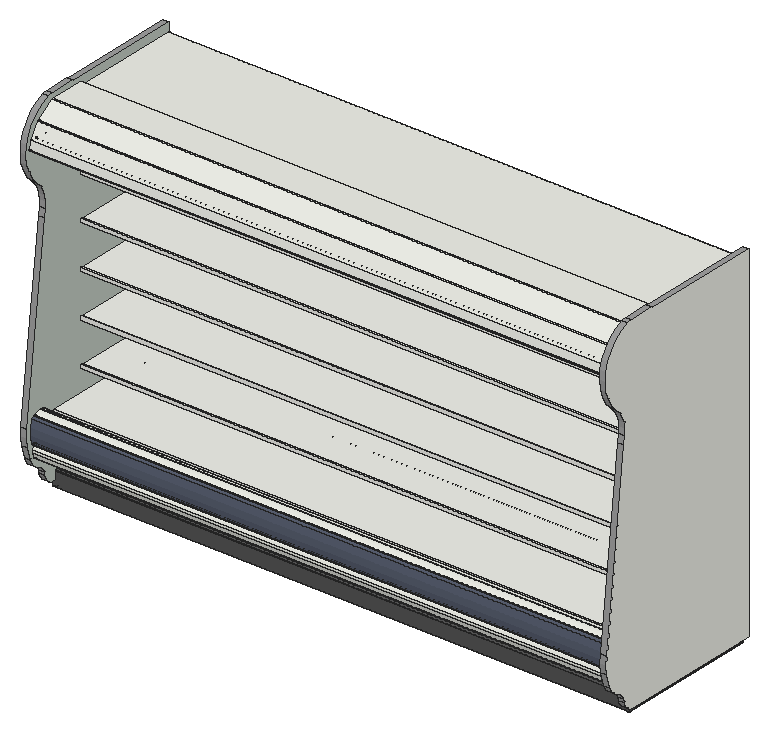
Revit family "IC6SL_2014", category Specialty Equipment, Revit 2014 (continued)
Automatic sketch dimensions
  plane 5 "Front" to Extrusion 10 sketch curve = 1.7688"
  Extrusion 10 sketch curve to Extrusion 10 sketch curve = 0.02868"
  Extrusion 10 sketch curve to Extrusion 10 sketch curve = 0.01397"
  Extrusion 10 sketch curve to Extrusion 10 sketch curve = 0.92589"
  Extrusion 10 sketch curve to Extrusion 10 sketch curve = 1.16807"
  Extrusion 10 sketch curve to Extrusion 10 sketch curve = 0.2829"
  Extrusion 10 sketch curve to Extrusion 10 sketch curve = 0.11237"  (x2)
  Extrusion 10 sketch curve to Extrusion 10 sketch curve = 0.31444"
  Extrusion 10 sketch curve to Extrusion 10 sketch curve = 0.37077"
  Extrusion 10 sketch curve to Extrusion 10 sketch curve = 0.06407"
  Extrusion 10 sketch curve to Extrusion 10 sketch curve = 0.22146"
  Extrusion 10 sketch curve to Extrusion 10 sketch curve = 0"  (x5)
  Extrusion 10 sketch curve to Extrusion 10 sketch curve = 0.08092"
  Extrusion 10 sketch curve to Extrusion 10 sketch curve = 0.00823"
  Extrusion 10 sketch curve to Extrusion 10 sketch curve = 0.08921"
  Extrusion 10 sketch curve to Extrusion 10 sketch curve = 0.03926"
  Extrusion 10 sketch curve to Extrusion 10 sketch curve = 0.04871"  (x2)
  Extrusion 10 sketch curve to Extrusion 10 sketch curve = 0.04915"
  Extrusion 10 sketch curve to Extrusion 10 sketch curve = 0.04983"
  Extrusion 10 sketch curve to Extrusion 10 sketch curve = 0.1441"
  Extrusion 10 sketch curve to Extrusion 10 sketch curve = 0.02762"  (x2)
  Extrusion 10 sketch curve to Extrusion 10 sketch curve = 0.00529"  (x2)
  Extrusion 10 sketch curve to Extrusion 10 sketch curve = 0.04318"  (x2)
  Extrusion 10 sketch curve to Extrusion 10 sketch curve = 0.25893"
  Extrusion 10 sketch curve to Extrusion 10 sketch curve = 0.23745"
  Extrusion 10 sketch curve to Extrusion 10 sketch curve = 0.03256"
  Extrusion 10 sketch curve to Extrusion 10 sketch curve = 0.01971"
  Extrusion 10 sketch curve to Extrusion 10 sketch curve = 0.03464"
  Extrusion 10 sketch curve to Extrusion 10 sketch curve = 0.0058"
  Extrusion 10 sketch curve to Extrusion 10 sketch curve = 0.01479"  (x3)
  Extrusion 10 sketch curve to Extrusion 10 sketch curve = 0.03824"
  Extrusion 10 sketch curve to Extrusion 10 sketch curve = 0.04929"  (x2)
  Extrusion 10 sketch curve to Extrusion 10 sketch curve = 0.04206"
  Extrusion 10 sketch curve to Extrusion 10 sketch curve = 0.34967"
  Extrusion 10 sketch curve to Extrusion 10 sketch curve = 0.00256"
  Extrusion 10 sketch curve to Extrusion 10 sketch curve = 0.01846"
  Extrusion 10 sketch curve to Extrusion 10 sketch curve = 0.02201"
  Extrusion 10 sketch curve to plane 14 = 0.15053"
  Extrusion 10 sketch curve to plane 14 = 0.02732"
  plane 14 to Extrusion 10 sketch curve = 2.8158"
  Extrusion 10 sketch curve to Extrusion 10 sketch curve = 0.04019"
  Extrusion 10 sketch curve to Extrusion 10 sketch curve = 0.04954"
  Extrusion 10 sketch curve to Extrusion 10 sketch curve = 0.02246"
  Extrusion 10 sketch curve to Extrusion 10 sketch curve = 0.02296"
  Extrusion 10 sketch curve to Extrusion 10 sketch curve = 0.03745"
  plane 3 "Top" to Extrusion 10 sketch curve = 8.96049"
  Extrusion 10 sketch curve to Extrusion 10 sketch curve = 0.00289"
  Extrusion 10 sketch curve to Extrusion 10 sketch curve = 0.53687"
  Extrusion 10 sketch curve to Extrusion 10 sketch curve = 0.04539"
  Extrusion 10 sketch curve to Extrusion 10 sketch curve = 0.00132"
  Extrusion 10 sketch curve to Extrusion 10 sketch curve = 0.20605"
  Extrusion 10 sketch curve to Extrusion 10 sketch curve = 0.24534"
  Extrusion 10 sketch curve to Extrusion 10 sketch curve = 0.02464"
  Extrusion 10 sketch curve to Extrusion 10 sketch curve = 0.13632"
  Extrusion 10 sketch curve to Extrusion 10 sketch curve = 0.29641"
  Extrusion 10 sketch curve to Extrusion 10 sketch curve = 0.0612"
  Extrusion 10 sketch curve to Extrusion 10 sketch curve = 0.02288"
  Extrusion 10 sketch curve to Extrusion 10 sketch curve = 0.14196"
  Extrusion 10 sketch curve to Extrusion 10 sketch curve = 0.29527"
  Extrusion 10 sketch curve to Extrusion 10 sketch curve = 0.22462"
  Extrusion 10 sketch curve to Extrusion 10 sketch curve = 0.24347"  (x2)
  Extrusion 10 sketch curve to Extrusion 10 sketch curve = 0.02988"
  Extrusion 10 sketch curve to Extrusion 10 sketch curve = 1.18868"
  Extrusion 10 sketch curve to Extrusion 10 sketch curve = 0.07787"  (x2)
  Extrusion 10 sketch curve to Extrusion 10 sketch curve = 0.08553"
  Extrusion 10 sketch curve to Extrusion 10 sketch curve = 0.03109"
  Extrusion 10 sketch curve to Extrusion 10 sketch curve = 0.10406"
  Extrusion 10 sketch curve to Extrusion 10 sketch curve = 0.12278"
  Extrusion 10 sketch curve to Extrusion 10 sketch curve = 0.00474"
  Extrusion 10 sketch curve to Extrusion 10 sketch curve = 0.0087"
  Extrusion 10 sketch curve to Extrusion 10 sketch curve = 0.12226"
  Extrusion 10 sketch curve to Extrusion 10 sketch curve = 0.12636"
  Extrusion 10 sketch curve to Extrusion 10 sketch curve = 0.02876"
  Extrusion 10 sketch curve to Extrusion 10 sketch curve = 0.73929"
  Extrusion 10 sketch curve to Extrusion 10 sketch curve = 0.08746"
  Extrusion 10 sketch curve to Extrusion 10 sketch curve = 0.05885"
  Extrusion 10 sketch curve to Extrusion 10 sketch curve = 0.01109"  (x2)
  Extrusion 10 sketch curve to Extrusion 10 sketch curve = 0.01363"  (x2)
  Extrusion 10 sketch curve to Extrusion 10 sketch curve = 0.24643"
  Extrusion 10 sketch curve to Extrusion 10 sketch curve = 0.20198"
  Extrusion 10 sketch curve to Extrusion 10 sketch curve = 0.16913"
  Extrusion 10 sketch curve to Extrusion 10 sketch curve = 0.00033"
  Extrusion 10 sketch curve to Extrusion 10 sketch curve = 0.12673"
  Extrusion 10 sketch curve to Extrusion 10 sketch curve = 0.00056"
  Extrusion 10 sketch curve to Extrusion 10 sketch curve = 0.00071"
  Extrusion 10 sketch curve to Extrusion 10 sketch curve = 0.02861"
  curve 60 to plane 1 "Back" = 0"
  curve 56 to plane 5 "Front" = 0.19878"
  plane 3 "Top" to curve 55 = 9.31645"
  plane 3 "Top" to curve 8 = 0.84917"
  plane 3 "Top" to curve 10 = 0.84917"
  Extrusion 11 sketch curve to plane 5 "Front" = 2.37183"
  Extrusion 11 sketch curve to plane 5 "Front" = 0.70024"
  Extrusion 11 sketch curve to plane 5 "Front" = 0.43763"
  plane 5 "Front" to Extrusion 11 sketch curve = 0.43083"
  plane 5 "Front" to Extrusion 11 sketch curve = 2.06807"
  plane 5 "Front" to Extrusion 11 sketch curve = 2.0736"
  Extrusion 11 sketch curve to Extrusion 11 sketch curve = 1.2735"
  Extrusion 11 sketch curve to Extrusion 11 sketch curve = 3.14221"
  Extrusion 11 sketch curve to Extrusion 11 sketch curve = 1.40133"
  Extrusion 11 sketch curve to plane 14 = 3.70578"
  Extrusion 11 sketch curve to Extrusion 11 sketch curve = 0.25554"
  Extrusion 11 sketch curve to Extrusion 11 sketch curve = 0.28383"
  Extrusion 11 sketch curve to plane 14 = 1.35015"
  Extrusion 11 sketch curve to plane 14 = 0.4371"
  plane 14 to Extrusion 11 sketch curve = 0.60774"
  plane 14 to Extrusion 11 sketch curve = 1.22056"
  plane 14 to Extrusion 11 sketch curve = 1.39939"
  Extrusion 11 sketch curve to plane 3 "Top" = 0.05344"
  plane 14 to Extrusion 11 sketch curve = 5.1801"
  Extrusion 11 sketch curve to plane 1 "Back" = 0.41541"
  Extrusion 11 sketch curve to plane 3 "Top" = 0.05211"
  plane 3 "Top" to Extrusion 11 sketch curve = 3.01006"
  Extrusion 11 sketch curve to Extrusion 11 sketch curve = 7.08279"
  Extrusion 11 sketch curve to plane 12 = 2.88177"
  Extrusion 11 sketch curve to plane 12 = 3.94049"
  Extrusion 11 sketch curve to Extrusion 11 sketch curve = 2 5/256"
  Extrusion 11 sketch curve to plane 11 = 7.27298"
  Extrusion 11 sketch curve to Extrusion 11 sketch curve = 1.50139"
  Extrusion 11 sketch curve to Extrusion 11 sketch curve = 2.3992"
  Extrusion 11 sketch curve to Extrusion 11 sketch curve = 0.84195"
  Extrusion 11 sketch curve to Extrusion 11 sketch curve = 0.66145"
  Extrusion 11 sketch curve to Extrusion 11 sketch curve = 1.7445"
  Extrusion 11 sketch curve to Extrusion 11 sketch curve = 0.1122"
  Extrusion 11 sketch curve to Extrusion 11 sketch curve = 0.95394"
  Extrusion 11 sketch curve to Extrusion 11 sketch curve = 0.19608"
  level to Extrusion 11 sketch curve = 1.56711"
  Extrusion 11 sketch curve to plane 3 "Top" = 0.24299"
  Extrusion 11 sketch curve to Extrusion 11 sketch curve = 0"
  Extrusion 12 sketch curve to plane 5 "Front" = 2.37183"
  Extrusion 12 sketch curve to plane 5 "Front" = 0.70024"
  Extrusion 12 sketch curve to plane 5 "Front" = 0.43763"
  plane 5 "Front" to Extrusion 12 sketch curve = 0.43083"
  plane 5 "Front" to Extrusion 12 sketch curve = 2.06807"
  plane 5 "Front" to Extrusion 12 sketch curve = 2.0736"
  Extrusion 12 sketch curve to Extrusion 12 sketch curve = 1.2735"
  Extrusion 12 sketch curve to Extrusion 12 sketch curve = 1.49944"
  Extrusion 12 sketch curve to Extrusion 12 sketch curve = 1.40133"
  Extrusion 12 sketch curve to plane 14 = 3.70578"
  Extrusion 12 sketch curve to Extrusion 12 sketch curve = 0.25554"
  Extrusion 12 sketch curve to Extrusion 12 sketch curve = 0.28383"
  Extrusion 12 sketch curve to plane 14 = 1.35015"
  Extrusion 12 sketch curve to plane 14 = 0.4371"
  plane 14 to Extrusion 12 sketch curve = 0.60774"
  plane 14 to Extrusion 12 sketch curve = 1.22056"
  plane 14 to Extrusion 12 sketch curve = 1.39939"
  Extrusion 12 sketch curve to plane 3 "Top" = 0.05344"
  plane 14 to Extrusion 12 sketch curve = 5.1801"
  Extrusion 12 sketch curve to plane 1 "Back" = 0.41541"
  Extrusion 12 sketch curve to plane 3 "Top" = 0.05211"
  plane 3 "Top" to Extrusion 12 sketch curve = 3.01006"
  Extrusion 12 sketch curve to Extrusion 12 sketch curve = 7.08279"
  Extrusion 12 sketch curve to plane 12 = 2.88177"
  Extrusion 12 sketch curve to plane 12 = 3.94049"
  Extrusion 12 sketch curve to Extrusion 12 sketch curve = 2 5/256"
  Extrusion 12 sketch curve to plane 11 = 7.27298"
  Extrusion 12 sketch curve to Extrusion 12 sketch curve = 1.50139"
  Extrusion 12 sketch curve to Extrusion 12 sketch curve = 2.3992"
  Extrusion 12 sketch curve to Extrusion 12 sketch curve = 0.84195"
  Extrusion 12 sketch curve to Extrusion 12 sketch curve = 0.66145"
  Extrusion 12 sketch curve to Extrusion 12 sketch curve = 1.7445"
  Extrusion 12 sketch curve to Extrusion 12 sketch curve = 0.1122"
  Extrusion 12 sketch curve to Extrusion 12 sketch curve = 0.95394"
  Extrusion 12 sketch curve to Extrusion 12 sketch curve = 0.19608"
  level to Extrusion 12 sketch curve = 1.56711"
  Extrusion 12 sketch curve to plane 3 "Top" = 0.24299"
  Extrusion 12 sketch curve to Extrusion 12 sketch curve = 0"
  Extrusion 1 sketch curve to Extrusion 1 sketch curve = 0"  (x2)
  Extrusion 2 sketch curve to Extrusion 2 sketch curve = 0"
  Extrusion 3 sketch curve to Extrusion 3 sketch curve = 0"
  curve 2 to plane 5 "Front" = 0"
  plane 1 "Back" to curve 2 = 0"
  plane 1 "Back" to curve 1 = 0"
Nested families (in)
  nested 1: "Light" at (-5.05699, -31.6809, 27.54239), type "Light"
    with Length 144 1/2"
  nested 2: "Shelf" at (0, -7.69234, 19.25), visible <- "Shelf", type "Shelf"
    with Width 144 1/2"
  nested 3: "Shelf" at (0, -7.69234, 63.25), visible <- "Shelf", type "Shelf"
    with Width 144 1/2"
  nested 4: "Shelf" at (0, -7.69234, 30.25), visible <- "Shelf", type "Shelf"
    with Width 144 1/2"
  nested 5: "Shelf" at (0, -7.69234, 41.25), visible <- "Shelf", type "Shelf"
    with Width 144 1/2"
  nested 6: "Shelf" at (0, -7.69234, 52.25), visible <- "Shelf", type "Shelf"
    with Width 144 1/2"
  nested 7: "Light" at (-5.05699, -18.08432, 15.25), visible <- "Shelf Lights", type "Light"
    with Length 144 1/2"
  nested 8: "Light" at (-5.05699, -18.08432, 4.25), visible <- "Shelf Lights", type "Light"
    with Length 144 1/2"
  nested 9: "Light" at (-5.05699, -18.08432, -6.75), visible <- "Shelf Lights", type "Light"
    with Length 144 1/2"
  nested 10: "Light" at (-5.05699, -18.08432, -17.75), visible <- "Shelf Lights", type "Light"
    with Length 144 1/2"
  nested 11: "Light" at (-5.05699, -18.08432, -28.75), visible <- "Shelf Lights", type "Light"
    with Length 144 1/2"
  nested 12: "Floor Support-Skid-IC6SLrfa" at (-31.83203, 0, 0), visible <- "12 Case", type "Floor Support-Skid"
  nested 13: "Floor Support-Skid-IC6SLrfa" at (16.16797, 0, 0), visible <- "12 Case", type "Floor Support-Skid"
  nested 14: "Floor Support-Skid-IC6SLrfa" at (-7.83203, 0, 0), visible <- "8 Case", type "Floor Support-Skid"
  nested 15: "Floor Support-Skid-IC6SLrfa" at (-78.33203, 0, 0), type "Floor Support-Side Skid"
  nested 16: "Floor Support-Skid-IC6SLrfa" at (60.16797, 0, 0), type "Floor Support-Side Skid"
  nested 17: "Floor Support-Skid-IC6SLrfa" at (-7.83203, 0, 0), visible <- "6 Case", type "Floor Support-Skid"
Connectors (in)
  piping at (-4.99449, -33.5, 0), diameter 1.25, driven by "Waste Drain"
    settings: on Extrusion 1, index 8, connector inside diameter 1 1/4", connector length 0", flow factor 0, pipe flow 0 GPM, pressure drop 0.00 psi, fitting loss kfactor 0, connector angle 0.00°, fixture units 0, engagement length 0", angle of deflection 0.00°, flow configuration 0, flow direction 0, fitting loss method 0, system type 16, joint type 0, gender type 0, connector reference index -1, connector utility 0, adjustable connector no, is connector primary yes, connector description "1 1/4\""
  piping at (58.13051, -28.6875, 0), diameter 0.875, driven by "Refrig. Suction", driven by "Refrigeration Lines Suction"
    settings: on Extrusion 2, index 9, connector inside diameter 7/8", connector length 0", flow factor 0, pipe flow 0 GPM, pressure drop 0.00 psi, fitting loss kfactor 0, connector angle 0.00°, fixture units 0, engagement length 0", angle of deflection 0.00°, flow configuration 0, flow direction 2, fitting loss method 0, system type 22, joint type 0, gender type 0, connector reference index -1, connector utility 0, adjustable connector no, is connector primary no, connector description "Suction"
  piping at (58.75551, -28.6875, 0), diameter 0.375, driven by "Refrig. Liquid", driven by "Refrigeration Lines Liquid"
    settings: on Extrusion 3, index 10, connector inside diameter 3/8", connector length 0", flow factor 0, pipe flow 0 GPM, pressure drop 0.00 psi, fitting loss kfactor 0, connector angle 0.00°, fixture units 0, engagement length 0", angle of deflection 0.00°, flow configuration 0, flow direction 1, fitting loss method 0, system type 22, joint type 0, gender type 0, connector reference index -1, connector utility 0, adjustable connector no, is connector primary no, connector description "Liquid"
Definition of nested family "Shelf"
  Parameters (values of type "Shelf")
    Width = 24"
    URL = "www.hussmann.com"
    Type Comments = "Shelf"
    Shelves = Sheet Metal (Steel Painted) - 700 Interior White
    Model = ""
    Manufacturer = "Hussmann Corporation"
    Height = 5"
    Description = ""
    Depth = 20"
    Assembly Code = ""
    Accessories/Options = ""
  Reference planes (in)
    plane 1 "Back": y = 0
    plane 2 "Bottom": z = 0
    plane 3 "Left": x = -77.30699
    plane 4 "Right": x = -53.30699
    plane 5 "Front": y = -20
    plane 6 "Center (Left/Right)": x = -65.30699
    plane 7: z = 5
  Forms (in)
    Extrusion 1, solid, material "Sheet Metal (Steel Painted) - 700 Interior White" <- "Shelves"
      sketch origin (-77.30699, 7.75, -64.26162) x (0, 1, 0) y (0, 0, 1)
        loop
          line (-7.75, 64.26162) -> (-7.75, 68.01162) -> (-8.5, 68.01162) -> (-8.5, 69.01162) -> (-27.5, 69.01162) -> (-27.5, 69.26162) -> (-27.75, 69.26162) -> (-27.75, 68.26162) -> (-27.5, 68.26162) -> (-27.5, 68.76162) -> (-26, 68.76162) -> (-26, 68.51162) -> (-13.81963, 68.51162) -> (-7.75, 64.26162)
      from 0 to 24
  Dimensions and locks (in)
    "Width": plane 4 "Right" to plane 3 "Left"
    equal spacing: plane 4 "Right", plane 6 "Center (Left/Right)", plane 3 "Left"
    "Depth": plane 1 "Back" to plane 5 "Front"
    "Height": level to plane 7
    aligned and locked: Extrusion 1 to plane 3 "Left"
    aligned and locked: plane 4 "Right" to Extrusion 1
  Automatic sketch dimensions
    Extrusion 1 sketch curve to plane 5 "Front" = 0"
    Extrusion 1 sketch curve to plane 1 "Back" = 0"
    plane 5 "Front" to Extrusion 1 sketch curve = 1/4"  (x2)
    Extrusion 1 sketch curve to Extrusion 1 sketch curve = 1 1/2"
    plane 1 "Back" to Extrusion 1 sketch curve = 6.06963"
    plane 1 "Back" to Extrusion 1 sketch curve = 3/4"
    Extrusion 1 sketch curve to Extrusion 1 sketch curve = 3 3/4"
    Extrusion 1 sketch curve to Extrusion 1 sketch curve = 1/2"  (x2)
    Extrusion 1 sketch curve to Extrusion 1 sketch curve = 1"
    Extrusion 1 sketch curve to Extrusion 1 sketch curve = 1/4"
    Extrusion 1 sketch curve to Extrusion 1 sketch curve = 3/4"
    Extrusion 1 sketch curve to level = 0"
Definition of nested family "Floor Support-Skid-IC6SLrfa"
  Parameters (values of type "Floor Support-Skid")
    Width = 8 1/2"
    URL = "www.hussmann.com"
    Type Comments = ""
    Revit Family Date = "11/19/2015"  # constant formula
    Model = ""
    Manufacturer = "Hussmann Corporation"
    Height = 10.2664"
    Floor Support = none
    Description = ""
    Depth = 35.02835"
    Assembly Code = ""
    Accessories/Options = ""
  Types (2): name | Width | Height
    Floor Support-Skid | 8 1/2" | 10.2664"
    Floor Support-Side Skid | 6" | 11 1/8"
  Reference planes (in)
    plane 1 "Back": y = 0
    plane 2 "Bottom": z = 0
    plane 3 "Top": z = 10.2664
    plane 4 "Right": x = 7.02504
    plane 5 "Front": y = -35.02835
    plane 6 "Center (Left/Right)": x = 2.77504
    plane 7: x = -1.47496
  Forms (in)
    Extrusion 1, solid, material <- "Floor Support"
      sketch origin (2.77504, 0, 0) x (0, 1, 0) y (0, 0, 1)
        loop
          line (-34.85096, 1.51558) -> (-34.85096, 0.40623) -> (-26.86406, 0.40623) -> (-26.86406, 0.562) -> (-26.69947, 0.562)
          arc (-26.69947, 0.562) -> (-26.58977, 0.4672) -> (-26.44886, 0.43308) r 0.30804
          line (-26.44886, 0.43308) -> (-26.18182, 0.43308)
          arc (-26.18182, 0.43308) -> (-26.08941, 0.40832) -> (-26.02176, 0.34067) r 0.18482
          arc (-26.02176, 0.34067) -> (-25.90901, 0.22792) -> (-25.75499, 0.18665) r 0.30804
          line (-25.75499, 0.18665) -> (-25.02351, 0.18665)
          arc (-25.02351, 0.18665) -> (-24.8523, 0.05079) -> (-24.63917, 0.00233) r 0.49286
          arc (-24.63917, 0.00233) -> (-24.42604, 0.05079) -> (-24.25483, 0.18665) r 0.49286
          line (-24.25483, 0.18665) -> (-17.71508, 0.18665)
          arc (-17.71508, 0.18665) -> (-17.5972, 0.2101) -> (-17.49726, 0.27688) r 0.30804
          line (-17.49726, 0.27688) -> (-17.38477, 0.38937)
          arc (-17.38477, 0.38937) -> (-17.34353, 0.42006) -> (-17.29522, 0.43764) r 0.17728
          arc (-17.29522, 0.43764) -> (-12.68443, 0.9082) -> (-8.07364, 0.43764) r 22.82483
          arc (-8.07364, 0.43764) -> (-8.02533, 0.42006) -> (-7.98409, 0.38937) r 0.17728
          line (-7.98409, 0.38937) -> (-7.8716, 0.27688)
          arc (-7.8716, 0.27688) -> (-7.77167, 0.2101) -> (-7.65378, 0.18665) r 0.30804
          line (-7.65378, 0.18665) -> (-6.11554, 0.18665)
          arc (-6.11554, 0.18665) -> (-5.94433, 0.05079) -> (-5.7312, 0.00233) r 0.49286
          arc (-5.7312, 0.00233) -> (-5.51807, 0.05079) -> (-5.34686, 0.18665) r 0.49286
          line (-5.34686, 0.18665) -> (-3.33524, 0.18665)
          arc (-3.33524, 0.18665) -> (-3.11968, 0.27484) -> (-3.02774, 0.48883) r 0.30754
          line (-3.02774, 0.48883) -> (-2.96072, 4.32853)
          arc (-2.96072, 4.32853) -> (-2.94602, 4.3977) -> (-2.90648, 4.45632) r 0.18531
          line (-2.90648, 4.45632) -> (-0.17397, 6.57086)
          arc (-0.17397, 6.57086) -> (-0.10793, 6.66906) -> (-0.08379, 6.78492) r 0.30804
          line (-0.08379, 6.78492) -> (-0.04153, 10.26488) -> (-8.99091, 5.83913) -> (-29.44485, 5.83913) -> (-27.24132, 4.66255)
          arc (-27.24132, 4.66255) -> (-27.17416, 4.60139) -> (-27.14425, 4.51563) r 0.18482
          line (-27.14425, 4.51563) -> (-27.02674, 3.17241) -> (-27.72422, 3.17241) -> (-34.85096, 1.51558)
      from -4.25 to 4.25
  Dimensions and locks (in)
    equal spacing: plane 7, plane 6 "Center (Left/Right)", plane 4 "Right"
    "Depth": plane 5 "Front" to plane 1 "Back"
    "Height": plane 3 "Top" to level
    "Width": plane 7 to plane 4 "Right"
    aligned and locked: plane 4 "Right" to Extrusion 1
    aligned and locked: Extrusion 1 to plane 7
  Automatic sketch dimensions
    Extrusion 1 sketch curve to Extrusion 1 sketch curve = 0"  (x5)
    plane 5 "Front" to Extrusion 1 sketch curve = 0.1774"
    plane 5 "Front" to Extrusion 1 sketch curve = 5.5835"
    Extrusion 1 sketch curve to Extrusion 1 sketch curve = 1.72063"
    Extrusion 1 sketch curve to Extrusion 1 sketch curve = 0.39585"
    level to Extrusion 1 sketch curve = 4.66255"
    Extrusion 1 sketch curve to Extrusion 1 sketch curve = 0.08705"
    level to Extrusion 1 sketch curve = 4 33/64"
    Extrusion 1 sketch curve to Extrusion 1 sketch curve = 0.09706"
    Extrusion 1 sketch curve to Extrusion 1 sketch curve = 0.69748"
    Extrusion 1 sketch curve to Extrusion 1 sketch curve = 0.16268"
    Extrusion 1 sketch curve to Extrusion 1 sketch curve = 0.16459"
    Extrusion 1 sketch curve to Extrusion 1 sketch curve = 0.2506"
    Extrusion 1 sketch curve to Extrusion 1 sketch curve = 0.26705"
    Extrusion 1 sketch curve to Extrusion 1 sketch curve = 0.42683"
    Extrusion 1 sketch curve to Extrusion 1 sketch curve = 0.73147"
    Extrusion 1 sketch curve to Extrusion 1 sketch curve = 0.38434"  (x4)
    Extrusion 1 sketch curve to Extrusion 1 sketch curve = 6.53976"
    level to Extrusion 1 sketch curve = 0.27688"
    Extrusion 1 sketch curve to Extrusion 1 sketch curve = 0.21781"  (x2)
    level to Extrusion 1 sketch curve = 0.38937"
    Extrusion 1 sketch curve to Extrusion 1 sketch curve = 0.11249"  (x3)
    Extrusion 1 sketch curve to Extrusion 1 sketch curve = 0.12536"  (x3)
    plane 1 "Back" to Extrusion 1 sketch curve = 12.68443"
    level to Extrusion 1 sketch curve = 5.83913"
    Extrusion 1 sketch curve to Extrusion 1 sketch curve = 8.2685"
    Extrusion 1 sketch curve to Extrusion 1 sketch curve = 0.88146"
    Extrusion 1 sketch curve to Extrusion 1 sketch curve = 1.53824"
    Extrusion 1 sketch curve to Extrusion 1 sketch curve = 2.01162"
    Extrusion 1 sketch curve to Extrusion 1 sketch curve = 0.3075"
    Extrusion 1 sketch curve to Extrusion 1 sketch curve = 0.06702"
    level to Extrusion 1 sketch curve = 4.45632"
    Extrusion 1 sketch curve to Extrusion 1 sketch curve = 0.05424"
    Extrusion 1 sketch curve to Extrusion 1 sketch curve = 0.13105"
    level to Extrusion 1 sketch curve = 6.78866"
    plane 1 "Back" to Extrusion 1 sketch curve = 0.39181"
    Extrusion 1 sketch curve to Extrusion 1 sketch curve = 0.21783"
    Extrusion 1 sketch curve to Extrusion 1 sketch curve = 0.09018"
    plane 1 "Back" to Extrusion 1 sketch curve = 0.04153"
    Extrusion 1 sketch curve to Extrusion 1 sketch curve = 5.56225"
    Extrusion 1 sketch curve to Extrusion 1 sketch curve = 0.01286"
    Extrusion 1 sketch curve to Extrusion 1 sketch curve = 4.26737"
    Extrusion 1 sketch curve to Extrusion 1 sketch curve = 0.06161"
    Extrusion 1 sketch curve to Extrusion 1 sketch curve = 4.26967"
    Extrusion 1 sketch curve to Extrusion 1 sketch curve = 22.18065"
    level to Extrusion 1 sketch curve = 13/32"
    Extrusion 1 sketch curve to Extrusion 1 sketch curve = 0.18482"
    Extrusion 1 sketch curve to Extrusion 1 sketch curve = 0.30218"
    Extrusion 1 sketch curve to Extrusion 1 sketch curve = 0.30804"
    Extrusion 1 sketch curve to Extrusion 1 sketch curve = 0.30853"  (x2)
    Extrusion 1 sketch curve to Extrusion 1 sketch curve = 0.15577"
    Extrusion 1 sketch curve to Extrusion 1 sketch curve = 1.10935"
    Extrusion 1 sketch curve to Extrusion 1 sketch curve = 1.34321"
    Extrusion 1 sketch curve to Extrusion 1 sketch curve = 0.13103"
    Extrusion 1 sketch curve to Extrusion 1 sketch curve = 0.2178"
    level to Extrusion 1 sketch curve = 10.26488"
Definition of nested family "Light"
  Parameters (values of type "Light")
    Wattage = 16.1571 W
    built-in parameter 1150110 = 1 (stored number, unit not read)
    built-in parameter 1114217 = 1 (stored number, unit not read)
    built-in parameter 1150109 = 1 (stored number, unit not read)
    built-in parameter 1150134 = (empty or 0)
    built-in parameter 1150113 = 1 (stored number, unit not read)
    Lumens = 2400 lm
    built-in parameter 1150115 = 1 (stored number, unit not read)
    built-in parameter 1150105 = 763.94 (stored number, unit not read)
    Light Source Symbol Size = 24"
    built-in parameter 1150137 = (empty or 0)
    built-in parameter 1150139 = (empty or 0)
    Lense = none
    Length = 24"
    built-in parameter 1150112 = 1 (stored number, unit not read)
    built-in parameter 1150114 = 1 (stored number, unit not read)
    built-in parameter 1150132 = 2
    built-in parameter 1150102 = (empty or 0)
    built-in parameter 1150138 = (empty or 0)
    built-in parameter 1150107 = 6100 (stored number, unit not read)
    built-in parameter 1150106 = 7.6394 (stored number, unit not read)
    Emit from Line Length = Length  # 24"
    built-in parameter 1150104 = 13.8 (stored number, unit not read)
    Dimming Lamp Color Temperature Shift = (empty or 0)
    Color Filter = 16777215
    Casing = none
    built-in parameter 1114218 = 1 (stored number, unit not read)
    built-in parameter 1150133 = 10 (stored number, unit not read)
  Reference planes (in)
    plane 1 "Light Source Axis (F/B)": y = -8.60801
    plane 2: z = 0
    plane 3 "Light Source Axis (L/R)": x = 0
    plane 4 "Light Source Elevation": z = 52.5
    plane 5: z = 0
    plane 6 "Left": x = -12
    plane 7 "Right": x = 12
  Lines and regions (in)
    model lines
      curve 1: line (-12, -8.60801, 52.5) -> (12, -8.60801, 52.5)
  Dimensions and locks (in)
    equal spacing: plane 7 "Right", plane 3 "Light Source Axis (L/R)", plane 6 "Left"
    "Length": plane 7 "Right" to plane 6 "Left"
    aligned and locked: plane 3 "Light Source Axis (L/R)" to imposter light
    aligned and locked: plane 1 "Light Source Axis (F/B)" to imposter light
    aligned and locked: plane 4 "Light Source Elevation" to imposter light
    aligned and locked: level to plane 5
  Automatic sketch dimensions
    plane 1 "Light Source Axis (F/B)" to curve 1 = 0"
    curve 1 to plane 6 "Left" = 0"
    curve 1 to plane 7 "Right" = 0"
Types (4): name | Width | Total Weight | Number of Supports | Drain Location | Case Weight | 8 Case | 6 Case | 12 Case
  12'-0" Length | 144 1/2" | 1800.00 lbf | 4 | 72 3/16" | 1600.00 lbf | no | no | yes
  8'-0" Length | 96 1/4" | 1400.00 lbf | 3 | 24 1/8" | 1200.00 lbf | yes | no | no
  6'-0" Length | 72 1/4" | 1200.00 lbf | 3 | 24 1/8" | 1000.00 lbf | no | yes | no
  4'-0" Length | 48 1/8" | 1000.00 lbf | 2 | 24 1/8" | 800.00 lbf | no | no | no
